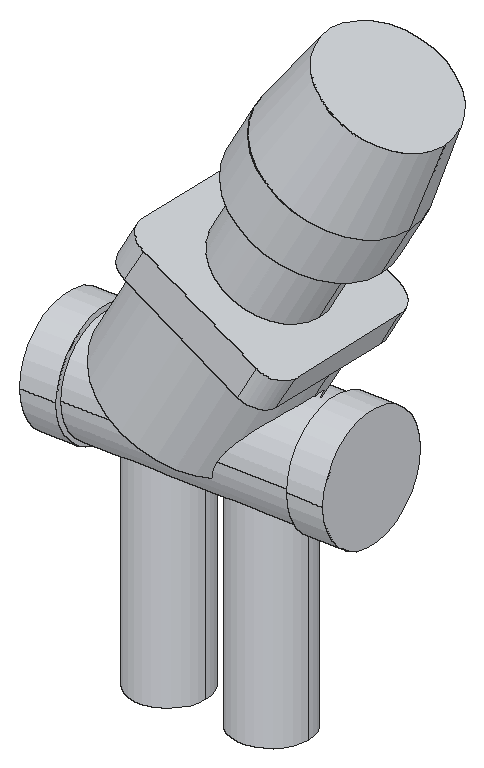
Revit family "OPTIMA_Compact_Plus_MM_DN15_2,5_RFA_2019", category Pipe Accessories, Revit 2019
Family settings
  Round Connector Dimension = Use Diameter
  Part Type = Valve - Breaks Into
  Work Plane-Based = No
  Always vertical = Yes
  Cut with Voids When Loaded = No
  Shared = No
Parameters (values of type "OPTIMA Compact Plus DN15 M-M 2.5mm")
  magiProductId = "744f5c1a8b784a0caf7e95e8856504"
  magiProductFamilyId = "3f7bf62c6d3e4202b9bf465282540d"
  magiPartTypeId = 304
  isMeasuringValve [instance] = no
  ang2D [instance] = 0.00°
  Z = 0 mm
  X = 7 mm
  W2D = 32 mm
  VersionID = "2.0/2018.8.28.1/FRESE_OPTIMA-COMPACT-MM_001"
  Use Minimum Symbol Size [instance] = yes
  URL = "www.hydronic.cz"
  Type Comments = "vnější závit; PN25; 0~120°C, s měřením"
  R9 = 8 mm
  R8 = 14 mm
  R7 = 17 mm
  R6 = 12 mm
  R5 = 5 mm
  R4 = 19 mm
  R3 = 19 mm
  R2 = 12 mm
  R1 = 13 mm
  QmdConnectorList = "301;D;302;D"
  Productdata [instance] = ""
  PLG0 = yes
  Manufacturer = "Hydronic Systems Prague s.r.o."
  MC Product Code = "53-1324  (3/4\" M-M; 2.5mm; Qmin-dpmin 100l/h-14.9kPa; Qmax-dpmin 575l/h-18.5kPa; dpmax 800kPa)"
  MC Piping Given Pressure Drop [instance] = 0.0 Pa
  LL = 32.5 mm
  L3 = 11 mm
  L2D_Min = 3048 mm
  L2D = 104 mm
  L2 = 49.4 mm
  L1__ve = -L1  # -7.8 mm
  L1 = 7.8 mm
  H6__ve = -H6  # -55 mm
  H6 = 55 mm
  H5 = 20 mm
  H4 = 12 mm
  H3 = 18 mm
  H2 = 8 mm
  H1 = 26 mm
  Description = "Tlakově nezávislý 2-cestný regulační vyvažovací ventil (PICV)"
  D = 15 mm
  A = 30.00°
Types (8, lengths in mm): name | magiProductId | Z | X | R4 | R3 | R2 | R1 | MC Product Code | LL | L3 | L2 | L1__ve | L1 | H6__ve | H6 | H5 | H3 | H2 | H1 | D
  OPTIMA Compact Plus DN32 M-M 5.5mm | "ffa5e363716249e69711c5a01860df" | 1 | 13 | 29 | 31.5 | 22 | 24 | "53-1333  (6/4\" M-M; 5.5mm; Qmin-dpmin 550l/h-17.9kPa; Qmax-dpmin 4001l/h-28.0kPa; dpmax 800kPa)" | 52 | 12.5 | 79.04 | -12.48 | 12.48 | -66 | 66 | 20 | 16 | 10 | 46 | 32
  OPTIMA Compact Plus DN15 M-M 2.5mm | "744f5c1a8b784a0caf7e95e8856504" | 0 | 7 | 19 | 19 | 12 | 13 | "53-1324  (3/4\" M-M; 2.5mm; Qmin-dpmin 100l/h-14.9kPa; Qmax-dpmin 575l/h-18.5kPa; dpmax 800kPa)" | 32.5 | 11 | 49.4 | -7.8 | 7.8 | -55 | 55 | 20 | 18 | 8 | 26 | 15
  OPTIMA Compact Plus DN15 M-M 5.0mm | "cc68fe6008154c3392e26a3dfeb2d1" | 0 | 7 | 19 | 19 | 12 | 13 | "53-1325  (3/4\" M-M; 5.0mm; Qmin-dpmin 220l/h-16.0kPa; Qmax-dpmin 1330l/h-21.6kPa; dpmax 800kPa)" | 32.5 | 11 | 49.4 | -7.8 | 7.8 | -55 | 55 | 20 | 18 | 8 | 26 | 15
  OPTIMA Compact Plus DN20 M-M 5.0mm | "af4b706c92c34122b2cf0a056ee45d" | 0 | 10 | 19 | 19 | 13.5 | 16.5 | "53-1328  (1\" M-M; 5.0mm; Qmin-dpmin 220l/h-16.0kPa; Qmax-dpmin 1330l/h-21.6kPa; dpmax 800kPa)" | 35 | 11 | 53.2 | -8.4 | 8.4 | -58.5 | 58.5 | 20 | 18 | 8 | 26 | 20
  OPTIMA Compact Plus DN20 M-M 5.5mm | "3e0f5dc7d8ae4d97894bd6f679fd3a" | 0 | 10 | 19 | 19 | 13.5 | 16.5 | "53-1331  (1\" M-M; 5.5mm; Qmin-dpmin 300l/h-17.8kPa; Qmax-dpmin 1800l/h-40.0kPa; dpmax 800kPa)" | 35 | 11 | 53.2 | -8.4 | 8.4 | -58.5 | 58.5 | 20 | 18 | 8 | 26 | 20
  OPTIMA Compact Plus DN25 M-M 5.5mm | "30c02b6104a34c7a9c49bd2b7417bc" | 0 | 13 | 29 | 31.5 | 18.5 | 21 | "53-1332  (5/4\" M-M; 5.5mm; Qmin-dpmin 600l/h-17.3kPa; Qmax-dpmin 3609l/h-23.0kPa; dpmax 800kPa)" | 52 | 12.5 | 79.04 | -12.48 | 12.48 | -63 | 63 | 20 | 16 | 10 | 43 | 25
  OPTIMA Compact Plus DN10 M-M 2.5mm | "273b30465bdd4e038d4ed21de5046f" | 0 | 7 | 19 | 19 | 9 | 10.5 | "53-1320  (1/2\" M-M; 2.5mm; Qmin-dpmin 30l/h-14.3kPa; Qmax-dpmin 200l/h-15.8kPa; dpmax 800kPa)" | 32.5 | 11 | 49.4 | -7.8 | 7.8 | -52.5 | 52.5 | 17 | 18 | 8 | 30 | 10
  OPTIMA Compact Plus DN10 M-M 5.0mm | "05e83065d4b14c0ea9b5a56fcd5d4f" | 0 | 7 | 19 | 19 | 9 | 10.5 | "53-1329  (1/2\" M-M; 5.0mm; Qmin-dpmin 65l/h-14.6kPa; Qmax-dpmin 370l/h-17.2kPa; dpmax 800kPa)" | 32.5 | 11 | 49.4 | -7.8 | 7.8 | -52.5 | 52.5 | 17 | 18 | 8 | 30 | 10
Reference planes
  plane 1 "Center (Front/Back)": y = 0
  plane 2 "XYPLANE": z = 0
  plane 3 "Center (Left/Right)": x = 0
  plane 4 "267": x = 11
  plane 5 "266": x = -11
  plane 6 "252": through (-607.519, 0, 447.746) normal (0.5, 0, 0.866)
  plane 7 "250": through (-617.519, 0, 430.426) normal (0.5, 0, 0.866)
  plane 8 "248": through (-623.519, 0, 420.033) normal (0.5, 0, 0.866)
  plane 9 "245": through (-632.519, 0, 404.445) normal (0.5, 0, 0.866)
  plane 10 "241": through (352.483, 0, 662.519) normal (0.866, 0, -0.5)
  plane 11 "240": through (385.392, 0, 643.519) normal (0.866, 0, -0.5)
  plane 12 "239": y = -19
  plane 13 "238": y = 19
  plane 14 "237": through (-636.519, 0, 397.517) normal (0.5, 0, 0.866)
  plane 15 "235": through (-649.519, 0, 375) normal (0.5, 0, 0.866)
  plane 16 "231": y = 0
  plane 17 "230": through (368.938, 0, 653.019) normal (0.866, 0, -0.5)
  plane 18 "211": x = -24.7
  plane 19 "204": x = 32.5
  plane 20 "203": x = -32.5
  plane 21 "202": x = 0
  plane 22 "201": z = 0
  plane 23 "200": y = 0
  plane 24 "227XY": through (-649.519, 0, 375) normal (0.5, 0, 0.866)
  plane 25 "227XZ": y = 0
  plane 26 "227YZ": through (375, 0, 649.519) normal (0.866, 0, -0.5)
Forms (mm)
  Extrusion 1, solid, visible <- "PLG0"
    sketch origin (-750, 0, 0) x (1, 0, 0) y (0, 1, 0)
      loop
        circle (761, 0) r 8
    from 0 to -55 <- "H6__ve"
  Extrusion 2, solid, visible <- "PLG0"
    sketch origin (-750, 0, 0) x (1, 0, 0) y (0, 1, 0)
      loop
        circle (739, 0) r 8
    from 0 to -55 <- "H6__ve"
  Blend 3, solid
    base sketch origin (-617.519, 0, 430.426) x (0.866025, 0, -0.5) y (0, 1, 0)
      loop
        circle (743, 0) r 17
    top sketch origin (-617.519, 0, 430.426) x (0.866025, 0, -0.5) y (0, 1, 0)
      loop
        circle (743, 0) r 14
    from 0 to 20
  Extrusion 4, solid
    sketch origin (-623.519, 0, 420.033) x (0.866025, 0, -0.5) y (0, 1, 0)
      loop
        circle (743, 0) r 17
    from 0 to 12 <- "H4"
  Extrusion 5, solid
    sketch origin (-632.519, 0, 404.445) x (0.866025, 0, -0.5) y (0, 1, 0)
      loop
        circle (743, 0) r 12
    from 0 to 18 <- "H3"
  Extrusion 6, solid
    sketch origin (-636.519, 0, 397.517) x (0.866025, 0, -0.5) y (0, 1, 0)
      loop
        arc (729, 19) -> (725.464, 17.536) -> (724, 14) r 5
        line (724, 14) -> (724, -14)
        arc (724, -14) -> (725.464, -17.536) -> (729, -19) r 5
        line (729, -19) -> (757, -19)
        arc (757, -19) -> (760.536, -17.536) -> (762, -14) r 5
        line (762, -14) -> (762, 14)
        arc (762, 14) -> (760.536, 17.536) -> (757, 19) r 5
        line (757, 19) -> (729, 19)
    from 0 to 8 <- "H2"
  Extrusion 7, solid
    sketch origin (-649.519, 0, 375) x (0.866025, 0, -0.5) y (0, 1, 0)
      loop
        circle (743, 0) r 19
    from 0 to 26 <- "H1"
  Extrusion 8, solid
    sketch origin (-24.7, -750, 0) x (0, 1, 0) y (0, 0, 1)
      loop
        circle (750, 0) r 12
    from 0 to 49.4 <- "L2"
  Extrusion 9, solid
    sketch origin (32.5, -750, 0) x (0, 1, 0) y (0, 0, 1)
      loop
        circle (750, 0) r 13
    from 0 to -7.8 <- "L1__ve"
  Extrusion 10, solid
    sketch origin (-32.5, -750, 0) x (0, 1, 0) y (0, 0, 1)
      loop
        circle (750, 0) r 13
    from 0 to 7.8 <- "L1"
  Extrusion 11, solid, not visible
    sketch origin (32.5, -750, 0) x (0, 1, 0) y (0, 0, 1)
      loop
        circle (750, 0) r 10
    from 0 to -10
  Extrusion 12, solid, not visible
    sketch origin (-32.5, -750, 0) x (0, 1, 0) y (0, 0, 1)
      loop
        circle (750, 0) r 10
    from 0 to 10
Lines and regions (mm)
  reference lines, not visible
    curve 1: circle (2, 2, 0) r 1 normal (0, 0, 1)
Text (mm)
  text "© Progman Oy, all rights reserved" at (-472.209, -2482.653, 0), in view "Ref. Level"
Dimensions and locks
  plane 1 "Center (Front/Back)" to curve 1 = 2 mm
  "L3": plane 3 "Center (Left/Right)" to plane 4 "267"
  "L3": plane 3 "Center (Left/Right)" to plane 5 "266"
  "H5": plane 7 "250" to plane 6 "252"
  "H4": plane 8 "248" to plane 7 "250"
  "H3": plane 9 "245" to plane 8 "248"
  "H2": plane 14 "237" to plane 9 "245"
  "R4": plane 17 "230" to plane 10 "241"
  "R4": plane 17 "230" to plane 11 "240"
  "R4": plane 23 "200" to plane 12 "239"
  "R4": plane 23 "200" to plane 13 "238"
  "H1": plane 15 "235" to plane 14 "237"
  "Z": plane 24 "227XY" to plane 15 "235"
  locked: plane 23 "200" to plane 16 "231"
  "X": plane 26 "227YZ" to plane 17 "230"
  "L1": plane 20 "203" to plane 18 "211"
  "LL": plane 3 "Center (Left/Right)" to plane 19 "204"
  "LL": plane 3 "Center (Left/Right)" to plane 20 "203"
  locked: plane 3 "Center (Left/Right)" to plane 21 "202"
  locked: plane 2 "XYPLANE" to plane 22 "201"
  locked: plane 1 "Center (Front/Back)" to plane 23 "200"
  Extrusion 6 sketch curve to Extrusion 6 sketch curve = 0 mm  (x16)
  "R9": radius of Extrusion 1 sketch curve
  "R9": radius of Extrusion 2 sketch curve
  "R8": radius of Blend 3 sketch curve
  "R7": radius of Blend 3 sketch curve
  "R7": radius of Extrusion 4 sketch curve
  "R6": radius of Extrusion 5 sketch curve
  "R5": radius of Extrusion 6 sketch curve  (x4)
  "R3": radius of Extrusion 7 sketch curve
  "R2": radius of Extrusion 8 sketch curve
  "R1": radius of Extrusion 9 sketch curve
  "R1": radius of Extrusion 10 sketch curve
  aligned and locked: level to plane 2 "XYPLANE"
  aligned and locked: plane 4 "267" to Extrusion 1 sketch curve
  aligned and locked: plane 23 "200" to Extrusion 1 sketch curve
  aligned and locked: plane 5 "266" to Extrusion 2 sketch curve
  aligned and locked: plane 23 "200" to Extrusion 2 sketch curve
  aligned and locked: plane 16 "231" to Blend 3 sketch curve  (x2)
  aligned and locked: Blend 3 sketch curve to plane 17 "230"  (x2)
  aligned and locked: plane 6 "252" to Blend 3
  aligned and locked: plane 16 "231" to Extrusion 4 sketch curve
  aligned and locked: Extrusion 4 sketch curve to plane 17 "230"
  aligned and locked: plane 16 "231" to Extrusion 5 sketch curve
  aligned and locked: Extrusion 5 sketch curve to plane 17 "230"
  aligned and locked: Extrusion 6 sketch curve to plane 10 "241"
  aligned and locked: Extrusion 6 sketch curve to plane 12 "239"
  aligned and locked: Extrusion 6 sketch curve to plane 11 "240"
  aligned and locked: plane 13 "238" to Extrusion 6 sketch curve
  aligned and locked: plane 16 "231" to Extrusion 7 sketch curve
  aligned and locked: Extrusion 7 sketch curve to plane 17 "230"
  aligned and locked: plane 22 "201" to Extrusion 8 sketch curve
  aligned and locked: Extrusion 8 sketch curve to plane 23 "200"
  aligned and locked: plane 22 "201" to Extrusion 9 sketch curve
  aligned and locked: Extrusion 9 sketch curve to plane 23 "200"
  aligned and locked: plane 22 "201" to Extrusion 10 sketch curve
  aligned and locked: Extrusion 10 sketch curve to plane 23 "200"
  aligned and locked: plane 22 "201" to Extrusion 11 sketch curve
  aligned and locked: Extrusion 11 sketch curve to plane 23 "200"
  aligned and locked: plane 22 "201" to Extrusion 12 sketch curve
  aligned and locked: Extrusion 12 sketch curve to plane 23 "200"
Automatic sketch dimensions
  plane 1 "Center (Front/Back)" to Extrusion 11 sketch curve = 10 mm
  plane 1 "Center (Front/Back)" to Extrusion 12 sketch curve = 10 mm
  plane 3 "Center (Left/Right)" to curve 1 = 2 mm
  radius of curve 1 = 1 mm
Connectors
  piping at (-32.5, 0, 0), diameter 15, driven by "D"
    settings: on Extrusion 12, index 1, connector inside diameter 609.6 mm, connector length 0 mm, flow factor 0, pipe flow 0.0 L/s, pressure drop 0.0 Pa, fitting loss kfactor 0, connector angle 0.00°, fixture units 0, engagement length 0 mm, angle of deflection 0.00°, flow configuration 0, flow direction 0, fitting loss method 0, system type 29, joint type 0, gender type 0, connector reference index 2, connector utility 0, adjustable connector no, is connector primary yes, connector description ""
  piping at (32.5, 0, 0), diameter 15, driven by "D"
    settings: on Extrusion 11, index 2, connector inside diameter 609.6 mm, connector length 0 mm, flow factor 0, pipe flow 0.0 L/s, pressure drop 0.0 Pa, fitting loss kfactor 0, connector angle 0.00°, fixture units 0, engagement length 0 mm, angle of deflection 0.00°, flow configuration 0, flow direction 0, fitting loss method 0, system type 29, joint type 0, gender type 0, connector reference index 1, connector utility 0, adjustable connector no, is connector primary no, connector description ""
